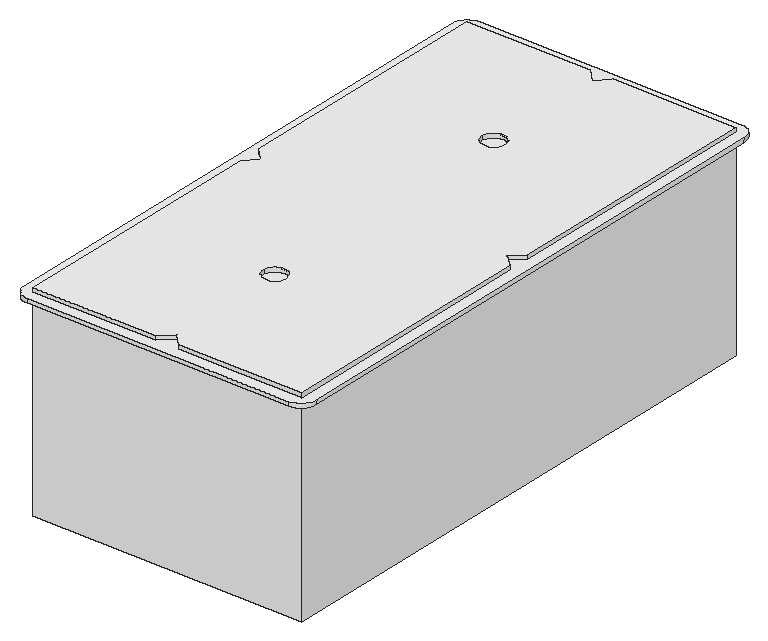
Revit family "Gira_281900", category Electrical Fixtures, host Face, Revit 2017
Family settings
  Host = Face
  Maintain Annotation Orientation = No
  Round Connector Dimension = Use Diameter
  Part Type = Normal
  Cut with Voids When Loaded = No
  Shared = No
  Room Calculation Point = No
Parameters (values of type "FM DB razor sock. Accessories")
  URL = "http://katalog.gira.de/en/datenblatt.html?artikelnr=281900"
  Name = "FM DB razor sock. Accessories"
  Manufacturer URL = "https://www.gira.de/"
  Manufacturer = "Gira"
  Keynote = ""
  HeinzeBIM = "https://bimportal.heinze.de/bim/fm-db-razor-sock-accessories/bb55bff5f91f716785fc183191677a841b676f4c"
  HAN = "281900"
  GTIN = "4010337994336"
  Description = "FM DB razor sock. Accs.,Flush-mounted device box for razor socket outlet,,,"
  Default Elevation = 1219.2 mm
  Data sheet (1) = "https://katalog.gira.de/en/download.html?artikelnr=281900"
  Category = "Accessories for domestic switching devices"
  BIM (1) = "https://media.stage.bim.site/public/gira/36a6b08/Sys55_UP-Dose_Rasiersteckd.rfa"
  Available = "No"
Reference planes
  plane 1 "Center (Front/Back)": y = 0
  plane 2: z = 0
  plane 3 "Center (Left/Right)": x = 0
Forms (mm)
  Extrusion 1, solid, material "White", detail levels medium+fine
    sketch origin (0, 0, 0) x (1, 0, 0) y (0, 1, 0)
      loop
        line (0, 67.498) -> (-3, 70.498) -> (-35, 70.498) -> (-35, 2.998) -> (-32, -0.002) -> (-35, -3.002) -> (-35, -70.502) -> (-3, -70.502) -> (0, -67.502) -> (3, -70.502) -> (35, -70.502) -> (35, -3.002) -> (32, -0.002) -> (35, 2.998) -> (35, 70.498) -> (3, 70.498) -> (0, 67.498)
      loop
        circle (0, 35.548) r 3
      loop
        circle (0, -35.552) r 3
    from 0 to 1
  Extrusion 2, solid, material "White", detail levels medium+fine
    sketch origin (0, 0, 0) x (1, 0, 0) y (0, 1, 0)
      loop
        arc (-34, 73.5) -> (-36.828, 72.328) -> (-38, 69.5) r 4
        line (-38, 69.5) -> (-38, -69.5)
        arc (-38, -69.5) -> (-36.828, -72.328) -> (-34, -73.5) r 4
        line (-34, -73.5) -> (34, -73.5)
        arc (34, -73.5) -> (36.828, -72.328) -> (38, -69.5) r 4
        line (38, -69.5) -> (38, 69.5)
        arc (38, 69.5) -> (36.828, 72.328) -> (34, 73.5) r 4
        line (34, 73.5) -> (-34, 73.5)
    from 0 to -1
  Extrusion 3, solid, material "White", detail levels medium+fine
    sketch origin (0, 0, 0) x (1, 0, 0) y (0, 1, 0)
      loop
        line (-35.034, 70.634) -> (-35.034, -70.634) -> (35.034, -70.634) -> (35.034, 70.634) -> (-35.034, 70.634)
    from -1 to -52.2
  Extrusion 4, solid, material "White", detail levels medium
    sketch origin (0, 0, 0) x (1, 0, 0) y (0, 1, 0)
      loop
        line (35, 70.498) -> (-35, 70.498) -> (-35, -70.502) -> (35, -70.502) -> (35, 70.498)
    from 0 to 1
  Extrusion 5, solid, material "White", detail levels coarse
    sketch origin (0, 0, 0) x (1, 0, 0) y (0, 1, 0)
      loop
        line (38, 73.5) -> (-38, 73.5) -> (-38, -73.5) -> (38, -73.5) -> (38, 73.5)
    from -52.2 to 1
Dimensions and locks
  aligned and locked: plane 2 to host face
  aligned and locked: level to host face
